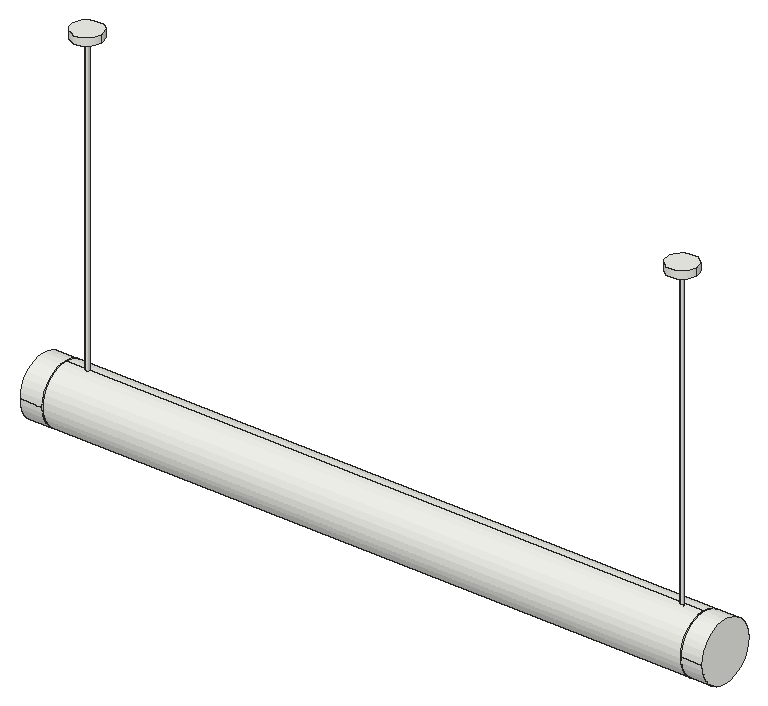
Revit family "LFX_A3-M-Suspended-Linear-2", category Lighting Fixtures, host Ceiling, Revit 2016
Family settings
  Host = Ceiling
  Part Type = Normal
  Round Connector Dimension = Use Diameter
  Always vertical = Yes
  Cut with Voids When Loaded = No
  Light Source = Yes
  Shared = No
  Room Calculation Point = No
Parameters (values of type "Ceiling Linear")
  Wattage = 16.1571 W
  built-in parameter 1150110 = 1 (stored number, unit not read)
  built-in parameter 1114217 = 1 (stored number, unit not read)
  built-in parameter 1150109 = 1 (stored number, unit not read)
  built-in parameter 1150134 = 3
  built-in parameter 1150113 = 1 (stored number, unit not read)
  built-in parameter 1150105 = 190.99 (stored number, unit not read)
  built-in parameter 1150115 = 1 (stored number, unit not read)
  Light Source Symbol Size = 609.6 mm
  built-in parameter 1150137 = (empty or 0)
  built-in parameter 1150139 = (empty or 0)
  built-in parameter 1150112 = 1 (stored number, unit not read)
  built-in parameter 1150114 = 1 (stored number, unit not read)
  built-in parameter 1150132 = 2
  built-in parameter 1150102 = (empty or 0)
  built-in parameter 1150107 = 3200 (stored number, unit not read)
  built-in parameter 1150138 = (empty or 0)
  built-in parameter 1150106 = 1.9099 (stored number, unit not read)
  Emit from Line Length = 1047.6 mm
  built-in parameter 1150104 = 13.8 (stored number, unit not read)
  Dimming Lamp Color Temperature Shift = <None>
  Color Filter = 16777215
  Ceiling Mount = Metal - Paint Finish - Ivory, Glossy
  Diffuser = Glass - White, High Luminance
  Length = 1200 mm
  Light Casing = Metal - Paint Finish - Ivory, Glossy
  Light Fixture Height = 1800 mm
  Lumens = 2400 lm
  built-in parameter 1114218 = 1 (stored number, unit not read)
  built-in parameter 1150133 = 10 (stored number, unit not read)
Types (4, lengths in mm): name | Length
  (no name) | 1200
  1200mm | 1200
  2400mm | 2400
  Ceiling Linear | 1200
Reference planes
  plane 1 "Light Source Axis": y = 0
  plane 2 "Ceiling": z = 2425.7
  plane 3 "Light Source Axis": x = 0
  plane 4 "Light Source Elevation": z = 1825.4
  plane 5: x = -600
  plane 6: x = 600
  plane 7: x = -523.8
  plane 8: x = 523.8
  plane 9: x = -523.888
  plane 10: x = 523.8
  plane 11: z = 2438.4
  plane 12: z = 1800
  plane 13: z = 1901.6
  plane 14: z = 1850.8
  plane 15: x = -561.9
  plane 16: x = 562.108
  plane 17: z = 1812.7
Forms (mm)
  Extrusion 1, solid, material "Metal - Paint Finish - Ivory, Glossy" <- "Ceiling Mount"
    sketch origin (0, 0, 1825.4) x (0, -1, 0) y (1, 0, 0)
      loop
        circle (0, -523.8) r 3.175
      loop
        circle (0, 523.8) r 3.175
    from 63.5 to 600.3
  Extrusion 2, solid, material "Metal - Paint Finish - Ivory, Glossy" <- "Ceiling Mount"
    sketch origin (0, 0, 0) x (1, 0, 0) y (0, 1, 0)
      loop
        circle (-523.888, 0) r 25.4
      loop
        circle (523.8, 0) r 25.4
    from 2438.4 to 2425.7
  Extrusion 3, solid, material "Metal - Paint Finish - Ivory, Glossy" <- "Light Casing"
    sketch origin (0, 0, 0) x (0, 1, 0) y (0, 0, 1)
      loop
        arc (0, 1901.6) -> (-49.069, 1863.948) -> (-25.4, 1806.806) r 50.8
        line (-25.4, 1806.806) -> (-25.4, 1838.1) -> (25.4, 1838.1) -> (25.4, 1806.806)
        arc (25.4, 1806.806) -> (49.069, 1863.948) -> (0, 1901.6) r 50.8
    from -561.9 to 562.108
  Extrusion 4, solid, material "Metal - Paint Finish - Ivory, Glossy" <- "Light Casing"
    sketch origin (-561.9, 0, 0) x (0, -1, 0) y (0, 0, 1)
      loop
        circle (1.117, 1850.8) r 50.812
    from 0 to 38.1
  Extrusion 5, solid, material "Metal - Paint Finish - Ivory, Glossy" <- "Light Casing"
    sketch origin (562.108, 0, 0) x (0, 1, 0) y (0, 0, 1)
      loop
        circle (0, 1850.8) r 50.8
    from 0 to 37.892
  Extrusion 6, solid, material "Glass - White, High Luminance" <- "Diffuser"
    sketch origin (0, 0, 0) x (1, 0, 0) y (0, 1, 0)
      loop
        line (-561.9, 25.4) -> (-561.9, -25.4) -> (562.108, -25.4) -> (562.108, 25.4) -> (-561.9, 25.4)
    from 1812.7 to 1825.4
Lines and regions (mm)
  symbolic lines
    curve 1: line (600, 63.5, 2425.7) -> (-600, 63.5, 2425.7)
    curve 2: line (600, -63.5, 2425.7) -> (600, 63.5, 2425.7)
    curve 3: line (-600, -63.5, 2425.7) -> (600, -63.5, 2425.7)
    curve 4: line (-600, 63.5, 2425.7) -> (-600, -63.5, 2425.7)
    curve 5: arc (-498.488, 0, 2425.7) -> (-523.888, 25.4, 2425.7) -> (-549.288, 0, 2425.7) r 25.4
    curve 6: arc (-549.288, 0, 2425.7) -> (-523.888, -25.4, 2425.7) -> (-498.488, 0, 2425.7) r 25.4
    curve 7: arc (498.4, 0, 2425.7) -> (523.8, -25.4, 2425.7) -> (549.2, 0, 2425.7) r 25.4
    curve 8: arc (549.2, 0, 2425.7) -> (523.8, 25.4, 2425.7) -> (498.4, 0, 2425.7) r 25.4
Dimensions and locks
  equal spacing: host sketch curve, plane 3 "Light Source Axis", host sketch curve
  equal spacing: host sketch curve, plane 1 "Light Source Axis", host sketch curve
  host sketch curve to host sketch curve = 3048 mm  (x2)
  "Length": plane 5 to plane 6
  equal spacing: plane 5, plane 3 "Light Source Axis", plane 6
  locked: plane 5 to plane 7 at 76.2
  locked: plane 8 to plane 6 at 76.2
  locked: plane 5 to plane 9 at 76.112
  locked: plane 10 to plane 6 at 76.2
  "Light Fixture Height": level to plane 12
  plane 12 to plane 4 "Light Source Elevation" = 25.4 mm
  plane 12 to plane 13 = 101.6 mm
  equal spacing: plane 12, plane 14, plane 13
  locked: plane 5 to plane 15 at 38.1
  locked: plane 16 to plane 6 at 37.892
  locked: plane 11 to plane 2 "Ceiling" at 12.7
  locked: plane 4 "Light Source Elevation" to Extrusion 3 sketch curve at 12.7
  plane 17 to plane 4 "Light Source Elevation" = 12.7 mm
  aligned and locked: plane 2 "Ceiling" to Extrusion 1
  aligned and locked: plane 2 "Ceiling" to Extrusion 2
  aligned and locked: plane 11 to Extrusion 2
  aligned and locked: plane 5 to curve 4
  aligned and locked: curve 5 to Extrusion 2
  aligned and locked: curve 7 to Extrusion 2
  aligned and locked: Extrusion 3 to plane 16
  aligned and locked: plane 15 to Extrusion 3
  aligned and locked: plane 5 to Extrusion 4
  aligned and locked: Extrusion 5 to plane 6
  aligned and locked: Extrusion 3 to Extrusion 6 sketch curve
  aligned and locked: Extrusion 6 sketch curve to Extrusion 3  (x3)
  aligned and locked: Extrusion 6 to plane 4 "Light Source Elevation"
  aligned and locked: Extrusion 6 to plane 17
  aligned and locked: plane 3 "Light Source Axis" to imposter light
  aligned and locked: plane 1 "Light Source Axis" to imposter light
  aligned and locked: plane 4 "Light Source Elevation" to imposter light
Automatic sketch dimensions
  Extrusion 1 sketch curve to plane 8 = 0 mm
  Extrusion 1 sketch curve to plane 7 = 0 mm
  Extrusion 1 sketch curve to plane 1 "Light Source Axis" = 0 mm  (x2)
  Extrusion 1 sketch curve to plane 1 "Light Source Axis" = 3.175 mm  (x2)
  Extrusion 2 sketch curve to plane 1 "Light Source Axis" = 0 mm  (x2)
  Extrusion 2 sketch curve to plane 9 = 0 mm
  Extrusion 2 sketch curve to plane 10 = 0 mm
  Extrusion 2 sketch curve to plane 9 = 25.4 mm
  Extrusion 2 sketch curve to plane 10 = 25.4 mm
  curve 2 to plane 6 = 0 mm
  plane 1 "Light Source Axis" to curve 3 = 63.5 mm
  curve 1 to plane 1 "Light Source Axis" = 63.5 mm
  Extrusion 3 sketch curve to plane 1 "Light Source Axis" = 0 mm
  Extrusion 3 sketch curve to plane 14 = 0 mm  (x2)
  plane 1 "Light Source Axis" to Extrusion 3 sketch curve = 25.4 mm
  Extrusion 3 sketch curve to plane 1 "Light Source Axis" = 25.4 mm
  Extrusion 3 sketch curve to plane 13 = 0 mm
  Extrusion 4 sketch curve to plane 14 = 0 mm
  Extrusion 4 sketch curve to plane 1 "Light Source Axis" = 49.696 mm
  plane 1 "Light Source Axis" to Extrusion 4 sketch curve = 1.117 mm
  Extrusion 5 sketch curve to plane 14 = 0 mm
  Extrusion 5 sketch curve to plane 1 "Light Source Axis" = 0 mm
  plane 1 "Light Source Axis" to Extrusion 5 sketch curve = 50.8 mm
